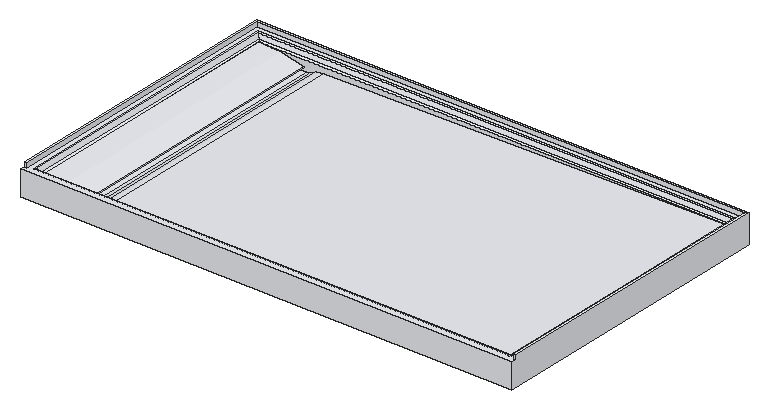
Revit family "Shower_Bases-American_Standard-Townsend-6036SMLHOLRHOL", category Plumbing Fixtures, Revit 2014
Parameters (values of type "6036SMRHOL")
  Width = 36"  # constant formula
  Weight (kg) = "50.5 Kg. (111 Lbs.)"  # constant formula
  Waste Location = 56"
  Waste Connection Diameter = 3 1/4"  # constant formula
  Waste Connection = yes
  Warranty Information = "Limited Lifetime Warranty"  # constant formula
  WFU = 3
  Vent Connection = no
  URL = "https://www.americanstandard-us.com/"
  L/R = 180.00°
  Drain Line = 51.62976"
  Product Page URL = "https://www.americanstandard-us.com/bathroom/shower-bases/townsend-60-x-36-solid-surface-shower-base-right-drain-33562"
  Product Documentation Link = "https://www.americanstandard-us.com/-/media/sites/asus/files/product-specs/shower-bases/2018/solid-surface-shower-bases/specsheet-6036smlhol-6036smrhol.pdf?la=en"
  Price = "Prices may vary. Please consult Manufacturer Representative for most up-to-date price list."  # constant formula
  Model = "6036SMRHOL"
  Manufacturer = "American Standard"  # constant formula
  Description = "Townsend® 60\" X 36\" Shower Base Solid Surface Right Side Drain"
  Assembly Code = "D2010430"
  Material = "Solid Surface-American Standard-White"
  Length = 60"  # constant formula
  Installation Type = "Floor Mounted"  # constant formula
  HWFU = 1.5
  HW Connection = no
  Finish = Solid Surface-American Standard-White
  Default Elevation = 0"
  Creation Date = "5/11/2018"  # constant formula
  CWFU = 1.5
  CW Connection = no
Types (3): name | Waste Location | L/R | Drain Line | Product Page URL | Model | Description | Assembly Code
  (no name) | 56" | 180.00° | 51.62976" | "https://www.americanstandard-us.com/bathroom/shower-bases/townsend-60-x-36-solid-surface-shower-base-right-drain-33562" | "6036SMRHOL" | "Townsend® 60\" X 36\" Shower Base Solid Surface Right Side Drain" | "D2010430"
  6036SMLHOL | 4" | 0.00° | 5.50476" | "https://www.americanstandard-us.com/bathroom/shower-bases/townsend-60-x-36-inch-solid-surface-shower-base-left-drain-33560" | "6036SMLHOL" | "Townsend® 60\" X 36\" Shower Base Solid Surface Left Side Drain" | "D2010710"
  6036SMRHOL | 56" | 180.00° | 51.62976" | "https://www.americanstandard-us.com/bathroom/shower-bases/townsend-60-x-36-solid-surface-shower-base-right-drain-33562" | "6036SMRHOL" | "Townsend® 60\" X 36\" Shower Base Solid Surface Right Side Drain" | "D2010430"
Reference planes
  plane 1 "Center (Front/Back)": y = 0
  plane 2: z = 0
  plane 3 "Center (Left/Right)": x = 0
  plane 4: y = -914.4
  plane 5: x = 762
  plane 6: x = -762
  plane 7: y = -457.2
  plane 8: x = -660.4
Forms (mm)
  Sweep 1, solid, material "Solid Surface-American Standard-White" <- "Finish"
    path origin (0, 0, 0) x (1, 0, 0) y (0, 1, 0)
      loop
        line (762, 0) -> (-762, 0) -> (-762, -914.4) -> (762, -914.4) -> (762, 0)
    profile origin (0, 0, 0) x (0, -1, 0) y (0, 0, 1)
      loop
        line (0, 0) -> (36.246, 0) -> (36.246, 58.396)
        arc (36.246, 58.396) -> (33.007, 59.433) -> (30.868, 62.078) r 5.937
        line (30.868, 62.078) -> (25.883, 74.23)
        arc (25.883, 74.23) -> (24.714, 75.662) -> (22.945, 76.2) r 3.175
        line (22.945, 76.2) -> (0, 76.2) -> (0, 0)
  Sweep 2, solid, material "Solid Surface-American Standard-White" <- "Finish"
    path origin (0, 0, 76.2) x (1, 0, 0) y (0, 1, 0)
      loop
        line (762, -898.525) -> (762, 0) -> (-762, 0) -> (-762, -898.525)
    profile origin (0, 0, 76.2) x (0, -1, 0) y (0, 0, 1)
      loop
        line (0, 0) -> (6.35, 0) -> (6.35, 12.7) -> (0, 12.7) -> (0, 0)
  Extrusion 3, solid, material "Solid Surface-American Standard-White" <- "Finish"
    sketch origin (10.315, -457.2, 0) x (-1, 0, 0) y (0, 0, 1)
      loop
        line (-715.439, 0) -> (736.068, 0) -> (736.068, 25.4) -> (588.254, 25.4)
        arc (588.254, 25.4) -> (582.975, 25.901) -> (577.884, 27.388) r 28.039
        line (577.884, 27.388) -> (558.723, 35.015)
        arc (558.723, 35.015) -> (546.173, 38.73) -> (533.159, 40.11) r 71.972
        line (533.159, 40.11) -> (-715.439, 58.396) -> (-715.439, 0)
    from -420.954 to 420.954
  Extrusion 4, solid, material "Solid Surface-American Standard-White" <- "Finish"
    sketch origin (0, -457.2, 0) x (-1, 0, 0) y (0, 0, 1)
      loop
        arc (725.754, 58.396) -> (655.074, 53.054) -> (585.788, 38.1) r 517.235
        line (585.788, 38.1) -> (585.788, 35.515)
        arc (585.788, 35.515) -> (655.074, 50.469) -> (725.754, 55.811) r 517.235
        line (725.754, 55.811) -> (725.754, 58.396)
    from -420.954 to 420.954
  Revolve 5, void
    sketch origin (28.474, -457.2, 51.008) x (-1, 0, 0) y (0, 0, 1)
      loop
        line (688.838, -15.215) -> (688.838, -61.909) -> (730.113, -61.909) -> (730.113, -15.215) -> (688.838, -15.215)
      axis (688.838, -61.909) -> (688.838, -15.215)
    angle from 0 to 360
  Revolve 6, solid, not visible
    sketch origin (0, -457.2, 0) x (-1, 0, 0) y (0, 0, 1)
      loop
        line (660.4, 0) -> (660.4, -0.794) -> (661.194, -0.794) -> (661.194, 0) -> (660.4, 0)
      axis (660.4, 0) -> (660.4, -1)
    angle from 0 to 360
Cuts and joins
  Revolve 5 cuts Sweep 1
  Revolve 5 cuts Sweep 2
  Revolve 5 cuts Extrusion 3
  Revolve 5 cuts Extrusion 4
  joined: Sweep 1, Sweep 2, Extrusion 3, Extrusion 4
Lines and regions (mm)
  Masking region 1
    outline origin (0, 0, 0) x (1, 0, 0) y (0, 1, 0)
      loop
        line (-762, 0) -> (-762, -914.4) -> (762, -914.4) -> (762, 0) -> (-762, 0)
  reference lines
    curve 1: line (0, -457.2, 0) -> (-725.754, -457.2, 0)
  symbolic lines, detail levels fine
    curve 2: line (-762, -898.525, 0) -> (-755.65, -898.525, 0)
    curve 3: line (-755.65, -898.525, 0) -> (-755.65, -6.35, 0)
    curve 4: line (-755.65, -6.35, 0) -> (755.65, -6.35, 0)
    curve 5: line (755.65, -6.35, 0) -> (755.65, -898.525, 0)
    curve 6: line (762, -898.525, 0) -> (755.65, -898.525, 0)
    curve 11: line (-725.754, -878.154, 0) -> (725.608, -878.154, 0)
    curve 12: line (-725.754, -36.246, 0) -> (-725.754, -878.154, 0)
    curve 13: line (725.608, -36.246, 0) -> (-725.754, -36.246, 0)
    curve 14: line (725.608, -878.154, 0) -> (725.608, -36.246, 0)
    curve 15: line (-585.788, -878.154, 0) -> (-585.788, -36.246, 0)
  symbolic lines, detail levels medium+fine
    curve 7: line (-739.054, -891.454, 0) -> (739.054, -891.454, 0)
    curve 8: line (-739.054, -22.946, 0) -> (-739.054, -891.454, 0)
    curve 9: line (739.054, -22.946, 0) -> (-739.054, -22.946, 0)
    curve 10: line (739.054, -891.454, 0) -> (739.054, -22.946, 0)
Dimensions and locks
  equal spacing: plane 6, plane 3 "Center (Left/Right)", plane 5
  "Length": plane 6 to plane 5
  equal spacing: plane 4, plane 7, plane 1 "Center (Front/Back)"
  Revolve 6 sketch curve to Revolve 6 sketch curve = 1/32"
  "Waste Location": plane 5 to plane 8
  "Drain Line": curve 15 to curve 14
  "Width": plane 4 to plane 1 "Center (Front/Back)"
  "L/R": angle plane 7 to curve 1
  aligned and locked: Sweep 1 sketch curve to plane 4
  aligned and locked: Sweep 2 sketch curve to profile plane
  aligned and locked: profile plane to Sweep 2 sketch curve
  aligned and locked: profile plane to Sweep 1 sketch curve
  aligned and locked: plane 1 "Center (Front/Back)" to Sweep 1 sketch curve
  aligned and locked: plane 8 to Revolve 6 sketch curve  (x2)
  aligned and locked: curve 2 to cut or joined group of Sweep 1, Sweep 2, Extrusion 3, Extrusion 4, Revolve 5
  aligned and locked: curve 3 to cut or joined group of Sweep 1, Sweep 2, Extrusion 3, Extrusion 4, Revolve 5
  aligned and locked: curve 4 to cut or joined group of Sweep 1, Sweep 2, Extrusion 3, Extrusion 4, Revolve 5
  aligned and locked: curve 5 to cut or joined group of Sweep 1, Sweep 2, Extrusion 3, Extrusion 4, Revolve 5
  aligned and locked: curve 6 to cut or joined group of Sweep 1, Sweep 2, Extrusion 3, Extrusion 4, Revolve 5
  aligned and locked: Masking region 1 sketch curve to cut or joined group of Sweep 1, Sweep 2, Extrusion 3, Extrusion 4, Revolve 5  (x4)
Automatic sketch dimensions
  plane 1 "Center (Front/Back)" to Sweep 1 sketch curve = 0"
  Sweep 1 sketch curve to plane 6 = 0"
  Sweep 1 sketch curve to plane 5 = 0"
  Sweep 1 sketch curve to profile plane = 0.90335"
  Sweep 1 sketch curve to Sweep 1 sketch curve = 0.11565"
  Sweep 1 sketch curve to Sweep 1 sketch curve = 0.19627"
  Sweep 1 sketch curve to Sweep 1 sketch curve = 0.21176"
  Sweep 1 sketch curve to Sweep 1 sketch curve = 0.00449"
  Sweep 1 sketch curve to Sweep 1 sketch curve = 2.29905"
  Sweep 1 sketch curve to Sweep 1 sketch curve = 0.14498"
  Sweep 1 sketch curve to Sweep 1 sketch curve = 0.43097"
  Sweep 1 sketch curve to Sweep 1 sketch curve = 0.04744"
  plane 1 "Center (Front/Back)" to Sweep 2 sketch curve = 0"
  Sweep 2 sketch curve to plane 6 = 0"
  Sweep 2 sketch curve to plane 5 = 0"
  Sweep 2 sketch curve to plane 4 = 5/8"  (x2)
  Sweep 2 sketch curve to profile plane = 1/4"
  Sweep 2 sketch curve to Sweep 2 sketch curve = 1/2"
  Extrusion 4 sketch curve to curve 1 = 0"
  curve 1 to Extrusion 4 sketch curve = 2.19728"
  curve 1 to Extrusion 4 sketch curve = 2.29905"
  Extrusion 4 sketch curve to curve 1 = 5.51047"
  curve 1 to Extrusion 4 sketch curve = 0.13959"
  Extrusion 4 sketch curve to Extrusion 4 sketch curve = 0"
  Extrusion 4 sketch curve to curve 1 = 1 1/2"
  Extrusion 4 sketch curve to Extrusion 4 sketch curve = 0.10177"
  Revolve 5 sketch curve to curve 1 = 1.40921"
  Revolve 5 sketch curve to curve 1 = 2.57439"
  curve 1 to Revolve 5 sketch curve = 0.42916"
  Revolve 5 sketch curve to curve 1 = 0.94939"
  Revolve 5 sketch curve to Revolve 5 sketch curve = 0"
  Revolve 5 sketch curve to Revolve 5 sketch curve = 1.09266"
  Revolve 5 sketch curve to Revolve 5 sketch curve = 0.17529"
  Extrusion 3 sketch curve to curve 1 = 0"  (x2)
  curve 1 to Extrusion 3 sketch curve = 1"
  Extrusion 3 sketch curve to curve 1 = 5.81946"
  Extrusion 3 sketch curve to curve 1 = 1.07827"
  Extrusion 3 sketch curve to Extrusion 3 sketch curve = 0.40825"
  Extrusion 3 sketch curve to curve 1 = 1.37856"
  Extrusion 3 sketch curve to Extrusion 3 sketch curve = 0.7544"
  Extrusion 3 sketch curve to curve 1 = 1.57915"
  Extrusion 3 sketch curve to Extrusion 3 sketch curve = 1.00644"
  curve 1 to Extrusion 3 sketch curve = 1.25409"
  Extrusion 3 sketch curve to curve 1 = 28.57297"
  Extrusion 3 sketch curve to Extrusion 3 sketch curve = 2.29905"
  curve 2 to plane 6 = 0"
  curve 6 to plane 5 = 0"
  plane 6 to curve 8 = 0.90339"
  curve 8 to curve 12 = 0.52363"
  curve 14 to curve 5 = 1.18274"
  curve 13 to curve 10 = 0.52935"
  curve 2 to curve 8 = 0.27837"
  curve 7 to curve 12 = 0.52365"
  plane 1 "Center (Front/Back)" to curve 14 = 1.42703"
  curve 12 to curve 9 = 0.52365"
  curve 1 to plane 7 = 0"
  curve 1 to plane 3 "Center (Left/Right)" = 0"
  Revolve 6 sketch curve to curve 1 = 0"
  curve 1 to Revolve 6 sketch curve = 1/32"
  Revolve 6 sketch curve to Revolve 6 sketch curve = 0.06758"
  Revolve 6 sketch curve to Revolve 6 sketch curve = 0.10805"
Connectors
  piping at (-660.4, -457.2, -0.794), diameter 82.55, driven by "Waste Connection Diameter", driven by "WFU"
    settings: on Revolve 6, index 1, connector inside diameter 24", connector length 0", flow factor 0, pipe flow 0 GPM, pressure drop 0.00 psi, fitting loss kfactor 0, connector angle 0.00°, fixture units 3, engagement length 0", angle of deflection 0.00°, flow configuration 3, flow direction 2, fitting loss method 0, system type 16, joint type 0, gender type 0, connector reference index -1, connector utility 0, adjustable connector no, is connector primary yes, connector description "3 1/4\" Waste Connection Outlet"
